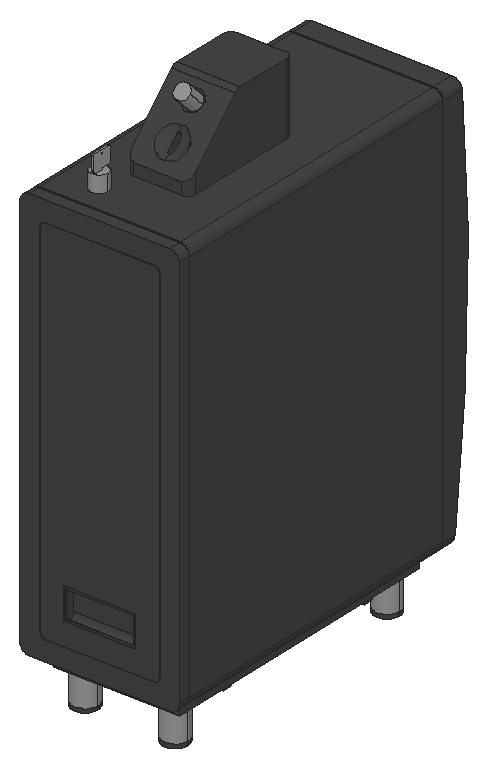
Revit family "Franke_Münzwechsler-A600_A800_A1000", category Sonderausstattung, Revit 2015
Parameters (values of type "Münzwechsler-A600,A800,A1000(85-264V/black line/EU)")
  URL = "http://www.franke.com/main/de/cs/produkte/produktsuche/produktsuche.html#akCache=true&p=1&t=grid&f=cat14_3210"
  Tiefe = 452 mm
  Spannung min. = 85 V
  Spannung max. = 264 V
  Sicherung = "10 A"
  Netzfrequenz alternativ = 60 Hz
  Netzfrequenz = 50 Hz
  Modell = "410902 - Münzwechsler - A600, A800, A1000"
  Leistung = 76.8 W
  Kosten = 0
  Höhe = 675 mm
  Hersteller = "Franke"
  Energieverlust nach DIN18873 = "k.A."
  Breite = 200 mm
  Beschreibung = "Beistellgerät Münzwechsler ermöglicht den Kaffeeausschank in der Selbstbedienung"
  Assembly Code = "Beistellgerät Münzwechsler (A600, A800)"
  Keynote = "Beistellgerät Münzwechsler (A600, A800)"
  Aufstellgewicht = "18 kg"
  Anzahl von Polen = 1
  Anzahl der Schutzleiter = "1"
  Anzahl der Nullleiter = "1"
  Abdeckung = Franke Black
Types (3, lengths in mm): name | Abdeckung
  (no name) | Franke Black
  Münzwechsler-A600,A800,A1000(85-264V/black line/EU) | Franke Black
  Münzwechsler-A600,A800,A1000(85-264V/anthrazit/EU) | Franke Anthrazit
Reference planes
  plane 1 "Mitte (Vorne/Hinten)": y = 0
  plane 2: z = 0
  plane 3 "Mitte (Links/Rechts)": x = 0
Forms (mm)
  Extrusion 1, solid, material "Franke Black"
    sketch origin (0, 0, 0) x (0, 1, 0) y (0, 0, 1)
      loop
        line (186.97, 65) -> (-188.03, 65) -> (-188.03, 45) -> (186.97, 45) -> (186.97, 65)
    from -79 to 79
  Extrusion 2, solid, material "Franke Black"
    sketch origin (-1000, 0, 0) x (0, 1, 0) y (0, 0, 1)
      loop
        line (199.53, 585) -> (199.53, 65) -> (216.03, 65)
        arc (216.03, 65) -> (224.982, 150.997) -> (233.478, 237.039) r 16328.175
        arc (233.478, 237.039) -> (233.864, 241.879) -> (234.093, 246.728) r 150
        arc (234.093, 246.728) -> (236.227, 326.074) -> (237.701, 405.435) r 9548.581
        arc (237.701, 405.435) -> (237.699, 406.999) -> (237.648, 408.563) r 50
        arc (237.648, 408.563) -> (233.118, 496.797) -> (228.03, 585) r 14002.549
        line (228.03, 585) -> (199.53, 585)
    from 900 to 1100
  Extrusion 3, void
    sketch origin (-1000, 0, 0) x (1, 0, 0) y (0, 0, 1)
      loop
        arc (1088, 585) -> (1096.485, 581.485) -> (1100, 573) r 12
        line (1100, 573) -> (1110, 573) -> (1110, 595) -> (1088, 595) -> (1088, 585)
      loop
        line (1088, 65) -> (1088, 55) -> (1110, 55) -> (1110, 77) -> (1100, 77)
        arc (1100, 77) -> (1096.485, 68.515) -> (1088, 65) r 12
      loop
        line (912, 585) -> (912, 595) -> (890, 595) -> (890, 573) -> (900, 573)
        arc (900, 573) -> (903.515, 581.485) -> (912, 585) r 12
      loop
        arc (912, 65) -> (903.515, 68.515) -> (900, 77) r 12
        line (900, 77) -> (890, 77) -> (890, 55) -> (912, 55) -> (912, 65)
    from -305.226 to 299.817
  Extrusion 4, solid, material "Franke Black"
    sketch origin (0, 397.56, 0) x (1, 0, 0) y (0, 0, 1)
      loop
        line (-85, 65) -> (85, 65) -> (85, 575) -> (-85, 575) -> (-85, 65)
    from 198.03 to 199.53
  Extrusion 5, solid
    sketch origin (0, 0, 0) x (1, 0, 0) y (0, 0, 1)
      loop
        line (-85, 65) -> (85, 65) -> (85, 575) -> (-85, 575) -> (-85, 65)
    from 198.03 to 199.53
  Extrusion 6, solid, material "Franke Black"
    sketch origin (0, 0, 0) x (1, 0, 0) y (0, 0, 1)
      loop
        line (88, 585) -> (-88, 585)
        arc (-88, 585) -> (-96.485, 581.485) -> (-100, 573) r 12
        line (-100, 573) -> (-100, 77)
        arc (-100, 77) -> (-96.485, 68.515) -> (-88, 65) r 12
        line (-88, 65) -> (88, 65)
        arc (88, 65) -> (96.485, 68.515) -> (100, 77) r 12
        line (100, 77) -> (100, 573)
        arc (100, 573) -> (96.485, 581.485) -> (88, 585) r 12
    from -198.03 to 198.03
  Extrusion 7, solid, material "Franke Stahl, verchromt"
    sketch origin (0, 0, 0) x (1, 0, 0) y (0, 1, 0)
      loop
        circle (-42, -162.53) r 11
    from 585 to 605
  Extrusion 8, solid, material "Franke Black" <- "Abdeckung"
    sketch origin (0, 0, 0) x (1, 0, 0) y (0, 0, 1)
      loop
        line (88, 585) -> (-88, 585)
        arc (-88, 585) -> (-96.485, 581.485) -> (-100, 573) r 12
        line (-100, 573) -> (-100, 77)
        arc (-100, 77) -> (-96.485, 68.515) -> (-88, 65) r 12
        line (-88, 65) -> (88, 65)
        arc (88, 65) -> (96.485, 68.515) -> (100, 77) r 12
        line (100, 77) -> (100, 573)
        arc (100, 573) -> (96.485, 581.485) -> (88, 585) r 12
      loop
        arc (67, 90) -> (72.657, 92.343) -> (75, 98) r 8
        line (75, 98) -> (75, 552)
        arc (75, 552) -> (72.657, 557.657) -> (67, 560) r 8
        line (67, 560) -> (-67, 560)
        arc (-67, 560) -> (-72.657, 557.657) -> (-75, 552) r 8
        line (-75, 552) -> (-75, 98)
        arc (-75, 98) -> (-72.657, 92.343) -> (-67, 90) r 8
        line (-67, 90) -> (67, 90)
    from 199.53 to 214.53
  Extrusion 9, solid, material "Franke Black"
    sketch origin (0, 0, 0) x (1, 0, 0) y (0, 0, 1)
      loop
        arc (-67, 560) -> (-72.657, 557.657) -> (-75, 552) r 8
        line (-75, 552) -> (-75, 98)
        arc (-75, 98) -> (-72.657, 92.343) -> (-67, 90) r 8
        line (-67, 90) -> (67, 90)
        arc (67, 90) -> (72.657, 92.343) -> (75, 98) r 8
        line (75, 98) -> (75, 552)
        arc (75, 552) -> (72.657, 557.657) -> (67, 560) r 8
        line (67, 560) -> (-67, 560)
    from 199.53 to 214.53
  Extrusion 10, solid, material "Franke Black"
    sketch origin (0, 0, 0) x (1, 0, 0) y (0, 0, 1)
      loop
        line (-85, 65) -> (85, 65) -> (85, 575) -> (-85, 575) -> (-85, 65)
    from 198.03 to 199.53
  Extrusion 11, solid, material "Franke Stahl, verchromt"
    sketch origin (0, 0, 39.5) x (0, 1, 0) y (0, 0, 1)
      loop
        arc (-172.53, 569.367) -> (-172.178, 568.234) -> (-171.247, 567.5) r 2
        line (-171.247, 567.5) -> (-171.247, 565.5) -> (-160.53, 565.5) -> (-160.53, 566.541)
        arc (-160.53, 566.541) -> (-160.249, 567.219) -> (-159.571, 567.5) r 0.959
        line (-159.571, 567.5) -> (-149.53, 567.5)
        arc (-149.53, 567.5) -> (-148.116, 568.086) -> (-147.53, 569.5) r 2
        line (-147.53, 569.5) -> (-147.53, 585.5)
        arc (-147.53, 585.5) -> (-148.116, 586.914) -> (-149.53, 587.5) r 2
        line (-149.53, 587.5) -> (-170.53, 587.5)
        arc (-170.53, 587.5) -> (-171.944, 586.914) -> (-172.53, 585.5) r 2
        line (-172.53, 585.5) -> (-172.53, 569.367)
      loop
        circle (-160.03, 583.965) r 2
    from -43 to -41
  Extrusion 12, solid, material "Franke Black"
    sketch origin (0, 0, 20) x (1, 0, 0) y (0, 0, 1)
      loop
        line (-44.5, 139) -> (-44.5, 100) -> (44.5, 100) -> (44.5, 139) -> (-44.5, 139)
      loop
        line (-42.5, 137) -> (-42.5, 102) -> (42.5, 102) -> (42.5, 137) -> (-42.5, 137)
    from 212.53 to 214.53
  Extrusion 13, void
    sketch origin (0, 0, 20) x (0, 1, 0) y (0, 0, 1)
      loop
        line (-231.966, 139) -> (-231.966, 100) -> (-212.53, 100) -> (-212.53, 95) -> (-210.53, 95)
        arc (-210.53, 95) -> (-203.459, 97.929) -> (-200.53, 105) r 10
        line (-200.53, 105) -> (-200.53, 144) -> (-212.53, 144) -> (-212.53, 139) -> (-231.966, 139)
    from -44.5 to 44.5
  Extrusion 14, solid, material "Franke Stahl, verchromt"
    sketch origin (0, 0, 41) x (1, 0, 0) y (0, 1, 0)
      loop
        circle (0, 156.641) r 2.5
    from 0 to 4
  Extrusion 15, solid, material "Franke Stahl, verchromt"
    sketch origin (-35.869, -27.22, 0) x (1, 0, 0) y (0, 1, 0)
      loop
        circle (92.493, -139.31) r 16
      loop
        circle (-20.755, -139.31) r 16
      loop
        circle (92.493, 192.69) r 16
      loop
        circle (-20.755, 192.69) r 16
    from 5 to 45
  Extrusion 16, solid, material "Franke Black"
    sketch origin (-35.869, -27.22, 10) x (0, -1, 0) y (1, 0, 0)
      loop
        circle (139.31, 92.493) r 16
      loop
        circle (139.31, -20.755) r 16
      loop
        circle (-192.69, 92.493) r 16
      loop
        circle (-192.69, -20.755) r 16
    from -10 to -5
  Extrusion 17, solid, material "Franke Black"
    sketch origin (0, 0, 41) x (1, 0, 0) y (0, 1, 0)
      loop
        line (63, 116.47) -> (63, 104.47) -> (77, 104.47) -> (77, 116.47) -> (63, 116.47)
      loop
        line (63, -104.63) -> (63, -116.63) -> (77, -116.63) -> (77, -104.63) -> (63, -104.63)
      loop
        line (-63, 116.47) -> (-77, 116.47) -> (-77, 104.47) -> (-63, 104.47) -> (-63, 116.47)
      loop
        line (-63, -104.63) -> (-77, -104.63) -> (-77, -116.63) -> (-63, -116.63) -> (-63, -104.63)
    from 0 to 4
  Extrusion 18, solid, material "Franke Black"
    sketch origin (0, -0.04, 41.001) x (1, 0, 0) y (0, 1, 0)
      loop
        arc (-30, 38.97) -> (-37.071, 36.041) -> (-40, 28.97) r 10
        line (-40, 28.97) -> (-40, -113.03)
        arc (-40, -113.03) -> (-37.071, -120.101) -> (-30, -123.03) r 10
        line (-30, -123.03) -> (30, -123.03)
        arc (30, -123.03) -> (37.071, -120.101) -> (40, -113.03) r 10
        line (40, -113.03) -> (40, 28.97)
        arc (40, 28.97) -> (37.071, 36.041) -> (30, 38.97) r 10
        line (30, 38.97) -> (-30, 38.97)
    from 544 to 641.515
  Extrusion 19, void
    sketch origin (0, -0.04, 41.001) x (0, 1, 0) y (0, 0, 1)
      loop
        line (-43.888, 634) -> (50, 634) -> (50, 644) -> (-137.557, 644) -> (-137.557, 555.542) -> (-126.489, 555.542) -> (-50.959, 631.071)
        arc (-50.959, 631.071) -> (-47.715, 633.239) -> (-43.888, 634) r 10
    from -88 to 88
  Extrusion 20, void
    sketch origin (-720, -1190.899, 840.307) x (1, 0, 0) y (0, 0.707107, 0.707107)
      loop
        line (717, 630.033) -> (717, 606.033) -> (723, 606.033) -> (723, 630.033) -> (717, 630.033)
    from -940.949 to -904.991
  Extrusion 21, solid, material "Franke Stahl, verchromt"
    sketch origin (-718.958, -1189.838, 841.368) x (1, 0, 0) y (0, 0.707107, 0.707107)
      loop
        circle (718.958, 662.708) r 10
    from -940.949 to -899.991
  Revolve 22, void
    sketch origin (0, 488.645, 288.512) x (0, 0.707107, 0.707107) y (0, -0.707107, 0.707107)
      loop
        line (-179.407, 782.413) -> (-209.407, 782.413) -> (-209.407, 662.069)
        arc (-209.407, 662.069) -> (-196.194, 651.201) -> (-179.407, 647.902) r 34.965
        line (-179.407, 647.902) -> (-179.407, 782.413)
      axis (-179.407, 647.902) -> (-179.407, 782.413)
    angle from 0 to 360
  Revolve 23, void
    sketch origin (0, 519.434, 323.026) x (0, 0.707107, 0.707107) y (0, -0.707107, 0.707107)
      loop
        line (-179.407, 782.413) -> (-197.986, 782.413) -> (-197.986, 654.502)
        arc (-197.986, 654.502) -> (-189.546, 648.812) -> (-179.407, 647.902) r 20.426
        line (-179.407, 647.902) -> (-179.407, 782.413)
      axis (-179.407, 647.902) -> (-179.407, 782.413)
    angle from 0 to 360
Cuts and joins
  Extrusion 3 cuts Extrusion 8
  Extrusion 3 cuts Extrusion 2
  Extrusion 13 cuts Extrusion 9
  Extrusion 19, Extrusion 20, Revolve 22, Revolve 23 cuts Extrusion 18
Dimensions and locks
  aligned and locked: level to plane 2
Connectors
  electrical at (0, 156.641, 41), driven by "Spannung max.", driven by "Anzahl von Polen"
    settings: on Extrusion 14, index 2, voltage 264 V, apparent load 0 VA, apparent load phase1 0 VA, apparent load phase2 0 VA, apparent load phase3 0 VA, power factor 1, load classification "Strom", number of poles 1, system type 31, power factor state 1, is connector primary yes, connector utility no, sub classification motor no, connector description ""
